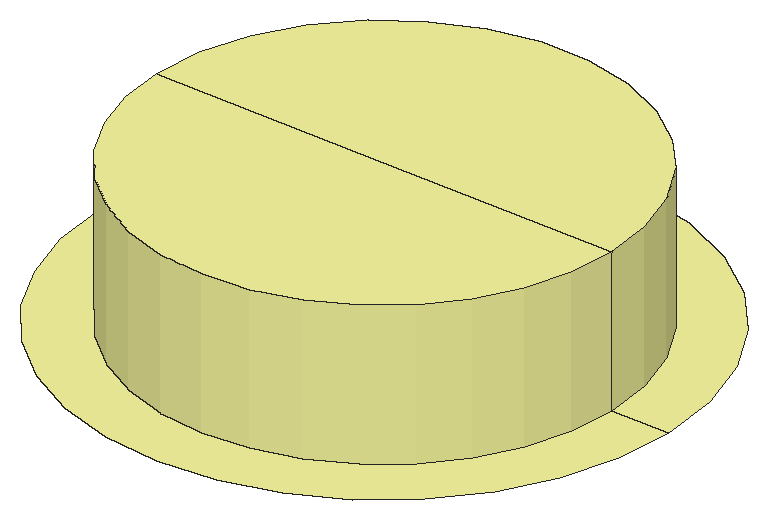
Revit family "e3bw Light_Em_Spitfire", category Lighting Fixtures, Revit 2014
Parameters (values of type "Water Proof")
  Ref Zone [instance] = ""
  Ref Room [instance] = ""
  Ref Level [instance] = ""
  Ref Id [instance] = ""
  Ref Building [instance] = ""
  Designation [instance] = ""
  Comments [instance] = ""
Types (3): name
  Water Proof
  Surface
  Standard
Reference planes
  plane 1 "Center (Front/Back)": y = 0
  plane 2: z = 0
  plane 3 "Center (Left/Right)": x = 0
  plane 4 "Top": z = 25
Forms (mm)
  Revolve 1, solid
    sketch origin (0, 0, 0) x (1, 0, 0) y (0, 0, 1)
      loop
        arc (0, -5) -> (25.126, -3.759) -> (50, 0) r 250
        line (50, 0) -> (40, 0) -> (40, 25) -> (0, 25) -> (0, -5)
      axis (0, 25) -> (0, -5)
    angle from 0 to 360
Dimensions and locks
  plane 4 "Top" to level = 25 mm
  aligned and locked: level to plane 2
Nested families
  nested 1: "e3bw Anno_Em_Spitfire" at (0, 0, 0), type "Standard"
Definition of nested family "e3bw Anno_Em_Spitfire"
  Reference planes
    plane 1: y = 0
    plane 2: x = 0
  Lines and regions (mm)
    Filled region 1, type "Filled region 1"
      outline origin (0, 0, 0) x (0.707107, 0.707107, 0) y (-0.707107, 0.707107, 0)
        loop
          line (0, 0) -> (0, 1.4)
          arc (0, 1.4) -> (-0.99, 0.99) -> (-1.4, 0) r 1.4
          line (-1.4, 0) -> (0, 0)
    Filled region 2, type "Filled region 1"
      outline origin (0, 0, 0) x (1, 0, 0) y (0, 1, 0)
        loop
          line (0, 0) -> (0.99, -0.99)
          arc (0.99, -0.99) -> (1.4, 0) -> (0.99, 0.99) r 1.4
          line (0.99, 0.99) -> (0, 0)
    detail lines, style "Symbols"
      curve 1: circle (0, 0, 0) r 1.4 normal (0, 0, 1)
